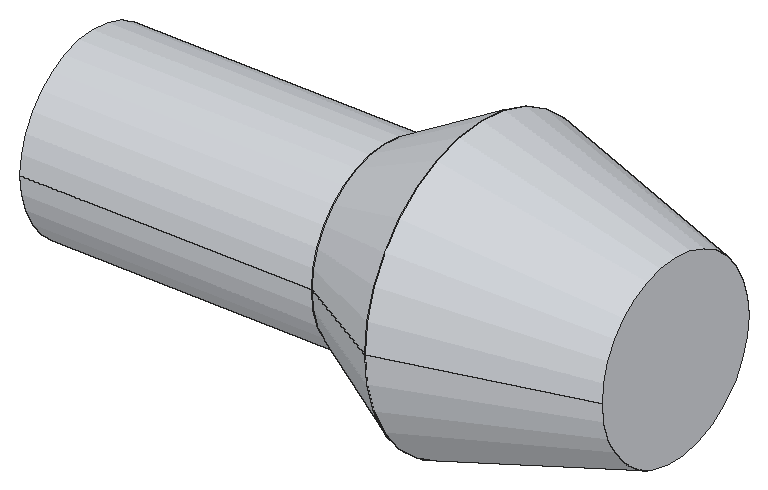
Revit family "d62c17bd0800459a9247de397abc963e", category Pipe Fittings, Revit 2021
Family settings
  Round Connector Dimension = Use Radius
  Part Type = Spud - Perpendicular
  OmniClass Number = 23.60.30.11.14
  OmniClass Title = Pipework Fittings
  Seek Item ID = Branch Connection - Welded - Generic-0000-USA-ENU
  Work Plane-Based = No
  Always vertical = Yes
  Cut with Voids When Loaded = No
  Shared = No
Parameters (values of type "Standard")
  built-in parameter 1114214 [instance] = 0' - 1"
  built-in parameter 1114213 [instance] = 0' - 1"
  built-in parameter 1114215 [instance] = size_lookup(Lookup Table Name, "Lgt", 0.2 * Nominal Diameter + 1 11/128", Nominal Diameter)  # 0.052083 (stored number, unit not read)
  Nominal Radius [instance] = 1/16"
  Nominal Diameter [instance] = Nominal Radius * 2  # 1/8"
  Loss Method = Not Defined
  Lookup Table Name = "Branch Connection - Welded - Generic"
  Fitting Outside Radius 2 [instance] = Fitting Outside Diameter 2 / 2  # 5/16"
  Fitting Outside Radius 1 [instance] = Fitting Outside Diameter 1 / 2  # 1/2"
  Fitting Outside Diameter 2 [instance] = size_lookup(Lookup Table Name, "FOD2", 0.99 * Nominal Diameter + 1/2", Nominal Diameter)  # 5/8"
  Fitting Outside Diameter 1 [instance] = size_lookup(Lookup Table Name, "FOD1", 1.11 * Nominal Diameter + 1 69/256", Nominal Diameter)  # 1"
  Default Elevation = 0' - 0"
Reference planes (in)
  plane 1 "Center (Front/Back)": y = 0
  plane 2: z = 0
  plane 3 "Center (Left/Right)": x = 0
  plane 4: x = -1
  plane 5: x = 1
  plane 6: x = 0.33333
  plane 7: x = 0.66667
Forms (in)
  Extrusion 1, solid, detail levels fine
    sketch origin (0, 0, 0) x (0, 1, 0) y (0, 0, 1)
      loop
        circle (0, 0) r 0.3125
    from -1 to 0
  Blend 2, solid, detail levels fine
    base sketch origin (0, 0, 0) x (0, 1, 0) y (0, 0, 1)
      loop
        circle (0, 0) r 0.3125
    top sketch origin (0, 0, 0) x (0, 1, 0) y (0, 0, 1)
      loop
        circle (0, 0) r 0.5
    from 0 to 0.33333
  Blend 3, solid, detail levels fine
    base sketch origin (0, 0, 0) x (0, 1, 0) y (0, 0, 1)
      loop
        circle (0, 0) r 0.3125
    top sketch origin (0, 0, 0) x (0, 1, 0) y (0, 0, 1)
      loop
        circle (0, 0) r 0.5
    from 1 to 0.33333
Dimensions and locks (in)
  "built-in parameter 1114214": plane 4 to plane 3 "Center (Left/Right)"
  "built-in parameter 1114213": plane 3 "Center (Left/Right)" to plane 5
  equal spacing: plane 3 "Center (Left/Right)", plane 6, plane 7, plane 5
  "Fitting Outside Radius 2": radius of Extrusion 1 sketch curve
  "Fitting Outside Radius 2": radius of Blend 2 sketch curve
  "Fitting Outside Radius 1": radius of Blend 2 sketch curve
  "Fitting Outside Radius 2": radius of Blend 3 sketch curve
  "Fitting Outside Radius 1": radius of Blend 3 sketch curve
  aligned and locked: plane 2 to level
  aligned and locked: plane 2 to Extrusion 1 sketch curve
  aligned and locked: plane 1 "Center (Front/Back)" to Extrusion 1 sketch curve
  aligned and locked: Extrusion 1 to plane 4
  aligned and locked: plane 3 "Center (Left/Right)" to Extrusion 1
  aligned and locked: plane 2 to Blend 2 sketch curve  (x2)
  aligned and locked: plane 1 "Center (Front/Back)" to Blend 2 sketch curve  (x2)
  aligned and locked: Blend 2 to plane 3 "Center (Left/Right)"
  aligned and locked: plane 6 to Blend 2
  aligned and locked: plane 2 to Blend 3 sketch curve  (x2)
  aligned and locked: plane 1 "Center (Front/Back)" to Blend 3 sketch curve  (x2)
  aligned and locked: Blend 3 to plane 5
  aligned and locked: Blend 3 to plane 6
Connectors (in)
  piping at (0, 0, 0), diameter 0.125, driven by "Nominal Radius"
    settings: on Blend 2, index 1, connector inside diameter 1/8", connector length 0' - 0", flow factor 0, pipe flow 0 GPM, pressure drop 0.00 psi, fitting loss kfactor 0, connector angle 0.00°, fixture units 0, engagement length 0' - 0", angle of deflection 0.00°, flow configuration 0, flow direction 0, fitting loss method 0, system type 28, joint type 0, gender type 0, connector reference index 2, connector utility 0, adjustable connector no, is connector primary yes, connector description ""
  piping at (1, 0, 0), diameter 0.125, driven by "Nominal Radius"
    settings: on Blend 3, index 2, connector inside diameter 1/8", connector length 0' - 0", flow factor 0, pipe flow 0 GPM, pressure drop 0.00 psi, fitting loss kfactor 0, connector angle 0.00°, fixture units 0, engagement length 0' - 0", angle of deflection 0.00°, flow configuration 0, flow direction 0, fitting loss method 0, system type 28, joint type 0, gender type 0, connector reference index 1, connector utility 0, adjustable connector no, is connector primary no, connector description ""
